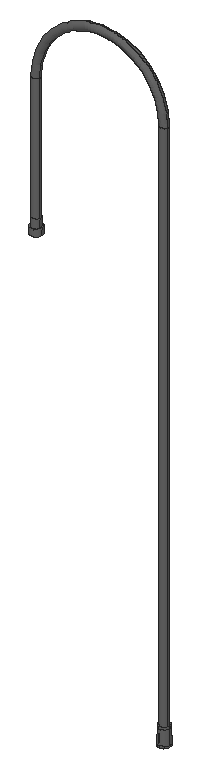
Revit family "Grohe_ShowerHose_Silverflex_28388KF1", category Plumbing Fixtures, host Face, Revit 2020
Family settings
  Host = Face
  Round Connector Dimension = Use Diameter
  Part Type = Normal
  OmniClass Number = 23.45.05.00
  OmniClass Title = Sanitary Equipment
  Cut with Voids When Loaded = No
  Shared = No
  Room Calculation Point = No
Parameters (values of type "SILVERFLEX Shower Hose (28388KF1)")
  _ObjectUserGuide = "https://www.bimstore.co/products/grohe-28388KF1/document/object-user-guide"
  _DistributedBy = "https://www.bimstore.co/"
  _CurrentRevision = 1
  _CreatedBy = "https://www.bimstore.co/"
  _BimSpecGuid = 0
  _BSBibleVersion = 17
  _AuthorizedBy = "bimstore"
  _Author = "AM 147"
  Waste Connection = no
  WarrantyStartDate [instance] = "Please Record On Commissioning."
  WarrantyGuarantorParts = "info-uk@grohe.com"
  WarrantyGuarantorLabor = "info-uk@grohe.com"
  WarrantyDurationUnit = "Years"
  WarrantyDurationParts = "0"
  WarrantyDurationLabor = "0"
  WarrantyDescription = "n/a"
  Vent Connection = no
  URL = "https://www.grohe.co.uk/"
  TypeName = "SILVERFLEX Shower Hose"
  Type Comments = "SILVERFLEX Shower Hose"
  TPIDocumentLink = "n/a"
  SustainabilityReport = "green.grohe.com/reporting"
  SustainabilityAward = "green.grohe.com/awards"
  SpareParts = "info-uk@grohe.com"
  Size = "n/a"
  Shape = "n/a"
  SerialNumber [instance] = "Please Record On Commissioning."
  ReplacementCost = "n/a"
  ReferencedStandard = "n/a"
  Radius [instance] = Diameter / 2  # 125.0 mm
  ProductionYear = "2023"
  ProductType = "Shower Hose"
  ProductShortText = "shower hose 1750mm"
  ProductPageURL = "https://www.grohe.co.uk/en_gb/-28388KF1.html"
  ProductNumber = "28388KF1"
  ProductDescription = "1750 mm\r\n\r\nsmooth surface for easy cleaning\r\n\r\nAntiFold bendproof\r\n\r\nuniversal connection G 1/2\" x 1/2\"\r\n\r\nrotation cone for TwistStop-function\r\n\r\nGROHE ProGrip with knurl structure\r\n\r\nheat resistance 70°C\r\n\r\npressure resistance up to 5 bar\r\n\r\ntensile strength 500 N\r\n\r\nGROHE Long-Life Shine finish"
  PrimaryMaterial = Grohe_MattBlack
  PQDiagramLink = "n/a"
  NominalLength = 0.0 mm
  NominalHeight = 0.0 mm
  NominalDepth = 0.0 mm
  NBSReference = "45-35-70/330"
  NBSOfficeMasterTag = "n/a"
  NBSObjectName = "Grohe - Shower fittings package"
  NBSNote = "n/a"
  NBSDescription = "Shower fittings package"
  ModelReference = "SILVERFLEX Shower Hose"
  ModelNumber = "28388KF1"
  Model = "SILVERFLEX Shower Hose"
  Material = "n/a"
  ManufacturerName = "Grohe"
  Manufacturer = "Grohe"
  Keynote = "N13"
  InstallationDate [instance] = "Please Record On Commissioning."
  IfcExportType = "IfcPipeFittingType"
  IfcExportAs = "IfcPipeFitting"
  HoseLength = 1750.0 mm  # constant formula
  HalfCircumference [instance] = (2 * 3.142 * Radius) / 2  # 392.75 mm
  HW Connection = no
  H1 [instance] = HoseLength - (Drop - Radius) - HalfCircumference  # 1082.25 mm
  Grade = "n/a"
  GROHESustainability = "green.grohe.com"
  GROHESocialCommittment = "green.grohe.com/social_engagement"
  FullRecyclabilityOfPlastic = "All plastic components are fully recyclable"
  Finish = "n/a"
  Features = "n/a"
  ExpectedLife = 0
  Ecojoy = no
  EF024551 = "not relevant"
  EF022269 = "1/2 inch"
  EF022268 = "Internal thread"
  EF022267 = "TRUE"
  EF022266 = "Plastic"
  EF013956 = "FALSE"
  EF005913 = "not relevant"
  EF001438 = 1750.0 mm
  EF000007 = "Other"
  DurationUnit = "Years"
  Drop [instance] = 400.0 mm
  DocumentationTechnical = "https://www.bimstore.co/products/grohe-28388KF1/document/technical-data-sheet"
  DocumentationMaintenance = "https://www.bimstore.co/products/grohe-28388KF1/document/maintenance-information"
  DocumentationLiterature = "https://www.bimstore.co/products/grohe-28388KF1/document/product-literature"
  DocumentationInstallationGuide = "https://www.bimstore.co/products/grohe-28388KF1/document/installation-guide"
  DocumentationCertificates = "https://www.bimstore.co/products/grohe-28388KF1/document/product-certificates"
  DimensionsDocumentLink = "https://cdn.cloud.grohe.com/dimdraw/1000/1300/1330/1338/1338521/1280/1338521.jpg"
  Diameter [instance] = 250.0 mm
  Description = "SILVERFLEX Shower Hose"
  Default Elevation = 0.0 mm
  CreatedOn = "2023-03-01T09:00:00"
  CreatedBy = "info-uk@grohe.com"
  CradleToCradleCertification = "n/a"
  Cost = 0
  Constituents = "n/a"
  Color = "Matt Black"
  CodePerformance = "n/a"
  ClassificationValue = "Pr_40_20_87_75"
  ClassificationName = "Uniclass2015"
  CW Connection = no
  CO2NeutralProduction = "GROHE is one of the first leading manufacturer within the sanitary industry having a CO2-neutral production."
  BarCode [instance] = "Please Record On Commissioning."
  BIMObjectName = "Grohe_ShowerHose_Silverflex_28388KF1"
  AssetType = "Fixed"
  AssetIdentifier [instance] = "n/a"
  Assembly Code = "D2010"
  AccessibilityPerformance = "n/a"
Reference planes
  plane 1 "Center (Front/Back)": y = 0
  plane 2: z = 0
  plane 3 "Center (Left/Right)": x = 0
  plane 4: z = 400
  plane 5: z = 275
  plane 6: z = -807.25
  plane 7: x = 125
  plane 8: x = 250
  plane 9: z = 28.505
  plane 10: z = -771.95
Forms (mm)
  Revolve 1, solid, material "Grohe_MattBlack" <- "PrimaryMaterial", detail levels medium+fine
    sketch origin (-368.24, 0, 0) x (1, 0, 0) y (0, 0, 1)
      loop
        line (360.74, 0) -> (360.74, 10) -> (368.24, 10) -> (368.24, 28.505) -> (360.24, 28.505) -> (360.24, 12.505) -> (356.74, 12.505) -> (356.74, 0) -> (360.74, 0)
      axis (368.24, 0) -> (368.24, 28.505)
    angle from 0 to 360
  Revolve 2, solid, material "Grohe_MattBlack" <- "PrimaryMaterial", detail levels coarse
    sketch origin (0, 0, 0) x (1, 0, 0) y (0, 0, 1)
      loop
        line (-11.5, 0) -> (0, 0) -> (0, 28.505) -> (-11.5, 28.505) -> (-11.5, 0)
      axis (0, 0) -> (0, 28.505)
    angle from 0 to 360
  Sweep 3, solid, material "Grohe_MattBlack" <- "PrimaryMaterial"
    path origin (0, 0, 0) x (1, 0, 0) y (0, 0, 1)
      loop
        line (0, 28.505) -> (0, 275)
        arc (0, 275) -> (125, 400) -> (250, 275) r 125
        line (250, 275) -> (250, -771.95)
    profile origin (0, 0, 151.753) x (-1, 0, 0) y (0, -1, 0)
      loop
        circle (0, 0) r 7.5
  Revolve 4, solid, material "Grohe_MattBlack" <- "PrimaryMaterial", detail levels medium+fine
    sketch origin (0, 0, 0) x (1, 0, 0) y (0, 0, 1)
      loop
        line (242.5, -771.95) -> (239.679, -771.95) -> (239.679, -775.521) -> (238.2, -803.75) -> (238.2, -807.25) -> (242.5, -807.25) -> (242.5, -771.95)
      axis (250, -771.95) -> (250, -807.25)
    angle from 0 to 360
  Revolve 5, solid, material "Grohe_MattBlack" <- "PrimaryMaterial", detail levels coarse
    sketch origin (0, 0, 0) x (1, 0, 0) y (0, 0, 1)
      loop
        line (250, -771.95) -> (238.2, -771.95) -> (238.2, -807.25) -> (250, -807.25) -> (250, -771.95)
      axis (250, -807.25) -> (250, -771.95)
    angle from 0 to 360
Dimensions and locks
  equal spacing: plane 8, plane 7, plane 3 "Center (Left/Right)"
  "Diameter": plane 8 to plane 3 "Center (Left/Right)"
  "Drop": plane 4 to level
  "Radius": plane 4 to plane 5
  "H1": plane 5 to plane 6
  locked: plane 9 to level at 28.505
  locked: plane 3 "Center (Left/Right)" to Revolve 2 sketch curve at 11.5
  locked: plane 10 to plane 6 at 35.3
  aligned and locked: plane 2 to host face
  aligned and locked: level to host face
  aligned and locked: plane 5 to Sweep 3 sketch curve  (x3)
  aligned and locked: plane 8 to Sweep 3 sketch curve
  aligned and locked: plane 7 to Sweep 3 sketch curve
  aligned and locked: Revolve 2 sketch curve to plane 9
  aligned and locked: level to Revolve 2 sketch curve
  aligned and locked: Revolve 2 sketch curve to plane 3 "Center (Left/Right)"
  aligned and locked: plane 9 to Sweep 3 sketch curve
  aligned and locked: plane 9 to Revolve 1 sketch curve
  aligned and locked: plane 3 "Center (Left/Right)" to Revolve 1 sketch curve  (x2)
  aligned and locked: level to Revolve 1 sketch curve
  aligned and locked: Revolve 4 sketch curve to plane 6
  aligned and locked: Revolve 4 sketch curve to plane 10
  aligned and locked: plane 8 to Revolve 4 sketch curve
  aligned and locked: plane 10 to Sweep 3 sketch curve
  aligned and locked: plane 10 to Revolve 5 sketch curve
  aligned and locked: Revolve 5 sketch curve to plane 6
  aligned and locked: plane 8 to Revolve 5 sketch curve
  aligned and locked: Revolve 5 sketch curve to plane 8
Automatic sketch dimensions
  host sketch curve to host sketch curve = 2438.4 mm  (x2)
  plane 1 "Center (Front/Back)" to Sweep 3 sketch curve = 0.0 mm
  Sweep 3 sketch curve to profile plane = 0.0 mm
  Revolve 1 sketch curve to plane 3 "Center (Left/Right)" = 7.5 mm
  Revolve 1 sketch curve to Revolve 1 sketch curve = 0.5 mm
  Revolve 1 sketch curve to Revolve 1 sketch curve = 3.5 mm
  Revolve 1 sketch curve to Revolve 1 sketch curve = 10.0 mm
  Revolve 1 sketch curve to Revolve 1 sketch curve = 2.505 mm
  Revolve 1 sketch curve to Revolve 1 sketch curve = 0.0 mm
  Revolve 1 sketch curve to Revolve 1 sketch curve = 30.0 mm
  Revolve 2 sketch curve to plane 3 "Center (Left/Right)" = 0.0 mm
  plane 4 to Revolve 2 sketch curve = 1285.0 mm
  Revolve 2 sketch curve to Revolve 2 sketch curve = 40.0 mm
  plane 8 to Revolve 4 sketch curve = 7.5 mm
  Revolve 4 sketch curve to Revolve 4 sketch curve = 2.821 mm
  Revolve 4 sketch curve to Revolve 4 sketch curve = 4.3 mm
  Revolve 4 sketch curve to Revolve 4 sketch curve = 3.5 mm
  plane 10 to Revolve 4 sketch curve = 3.571 mm
  Revolve 4 sketch curve to plane 6 = 5.831 mm
  Revolve 4 sketch curve to plane 10 = 3.869 mm
  plane 8 to Revolve 5 sketch curve = 11.8 mm
  Revolve 5 sketch curve to plane 10 = 46.696 mm
  Revolve 5 sketch curve to Revolve 5 sketch curve = 35.0 mm
  radius of Sweep 3 sketch curve = 7.5 mm
